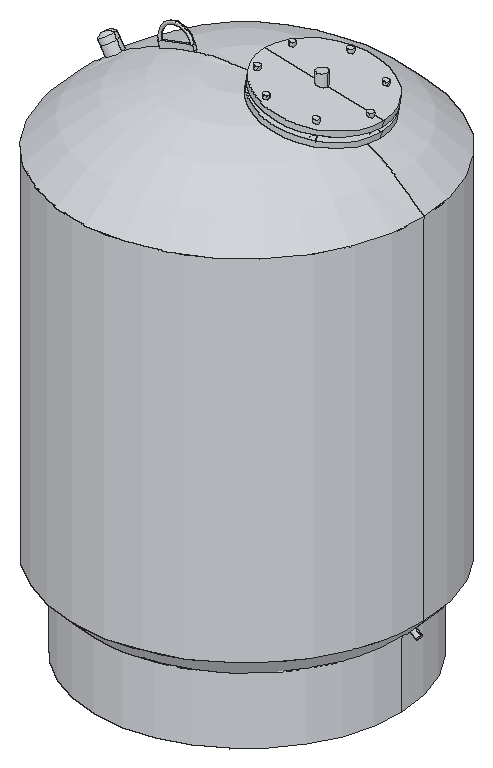
Revit family "NLA-1600", category Mechanical Equipment, Revit 2014
Parameters (values of type "NLA-1600")
  URL = "http://westank.com/"
  TankVolume = "422 Gallons"
  SystemConnectionAngle = 50.00°
  PartNumber = "22011600"
  OuterRadius = D / 2  # 21"
  Model = "NLA-1600"
  MaximumOperatingTemperature = "240°F"
  MaximumOperatingPressure = "125 PSIG"
  Manufacturer = "Wessels Company"
  InnerRadius = (D * 0.9844) / 2  # 20.6724"
  HandleAngle = 123.00°
  G = 5 1/4"
  F = 3/4"
  DrainAngle = 55.00°
  D = 42"
  CylinderHeight = B * 0.90693  # 67.11282"
  C = 1 1/2"
  B = 74"
  ApproximateShipmentWeight = "1100 lbs"
  Angle = 45.00°
  A = 48"
Reference planes (in)
  plane 1 "Center (Front/Back)": y = 0
  plane 2: z = 0
  plane 3 "Center (Left/Right)": x = 0
  plane 4: x = -24
  plane 5: y = 1.9685
  plane 6: y = -1.9685
  plane 7: z = 74
  plane 8: x = 24
  plane 9: z = 62.8728
  plane 10: y = 0.15626
  plane 11: y = -0.15626
  plane 12: x = -24
  plane 13: x = -21
  plane 14: x = 21
  plane 15: z = 21.21085
  plane 16: y = 0
  plane 17: y = 8.22887
  plane 18: y = -8.22887
  plane 19: through (22.11829, -180, 10.31287) normal (0.5736, 0, 0.8192)
  plane 20: through (22.54847, -180, 10.92723) normal (0.5736, 0, 0.8192)
  plane 21: x = -24
  plane 22: x = 24
  plane 23: x = 8.09114
  plane 24: through (3.84114, -180, 69.46857) normal (0.1908, 0, 0.9816)
Forms (in)
  Revolve 1, solid
    sketch origin (0, 0, -5.125) x (1, 0, 0) y (0, 0, 1)
      loop
        arc (0, 75.625) -> (-13.13199, 73.8336) -> (-24, 66.2478) r 28.23635
        line (-24, 66.2478) -> (-24, 17.2369)
        arc (-24, 17.2369) -> (-13.10343, 9.85586) -> (0, 8.625) r 26.5092
        line (0, 8.625) -> (0, 75.625)
      axis (0, 75.625) -> (0, 8.625)
    angle from 0 to 360
  Extrusion 2, solid
    sketch origin (0, 0, 0) x (1, 0, 0) y (0, 1, 0)
      loop
        circle (0, 0) r 21
      loop
        circle (0, 0) r 20.6724
    from 10.81856 to 0
  Revolve 3, solid
    sketch origin (-15.06578, 0, 61.44732) x (-0.500909, 0, 0.8655) y (-0.8655, 0, -0.500909)
      loop
        line (5.44847, -0.0719) -> (5.44847, -1.16029) -> (6.95487, -1.16029) -> (6.95487, -1.12732) -> (7.76301, -1.12732)
        arc (7.76301, -1.12732) -> (8.10825, -0.65594) -> (8.12516, -0.0719) r 0.9835
        line (8.12516, -0.0719) -> (5.44847, -0.0719)
      axis (5.44847, -0.0719) -> (8.12516, -0.0719)
    angle from 0 to 360
  Sweep 4, solid
    path origin (-8.09746, 0, 64.68662) x (-0.231621, 0, 0.972806) y (-0.972806, 0, -0.231621)
      loop
        arc (6.10198, 2.25) -> (8.35198, 0) -> (6.10198, -2.25) r 2.25
    profile origin (-10.03196, 0, 72.81147) x (-0.231621, 0, 0.972806) y (0, -1, 0)
      loop
        circle (0, 0) r 0.1875
  Extrusion 5, solid
    sketch origin (-6.96831, 0, 59.94419) x (-0.231621, 0, 0.972806) y (-0.972806, 0, -0.231621)
      loop
        line (10.97698, 2.42775) -> (10, 2.42775) -> (10, -2.43495) -> (10.97698, -2.43495) -> (10.97698, 2.42775)
    from 0.15626 to -0.15626
  Revolve 6, solid
    sketch origin (7.65898, 0, 20.89518) x (0.819152, 0, -0.573576) y (0.573576, 0, 0.819152)
      loop
        line (17.91414, 0) -> (19.19446, 0) -> (19.19446, 0.375) -> (17.91414, 0.375) -> (17.91414, 0)
      axis (17.91414, 0) -> (19.19446, 0)
    angle from 0 to 360
  Extrusion 7, solid
    sketch origin (4.32281, 0, 92.73349) x (1, 0, 0) y (0, 1, 0)
      loop
        circle (5.85826, 0) r 0.75
    from -18.73349 to -21.48349
  Revolve 8, solid
    sketch origin (4.76301, 0, 38.62465) x (0.190809, 0, 0.981627) y (-0.981627, 0, 0.190809)
      loop
        line (34.31983, 0.83661) -> (30.10132, 0.83661) -> (30.10132, -5.11699)
        arc (30.10132, -5.11699) -> (31.09767, -4.9485) -> (32.06983, -5.22418) r 2.29548
        line (32.06983, -5.22418) -> (32.06983, -7.39781) -> (32.81983, -7.39781) -> (32.81983, -6.39781) -> (33.56983, -6.39781) -> (33.56983, -7.39781) -> (34.31983, -7.39781) -> (34.31983, 0.83661)
      axis (30.10132, 0.83661) -> (34.31983, 0.83661)
    angle from 0 to 360
  Extrusion 9, solid
    sketch origin (6.79112, 3.11143, 72.95999) x (-0.815717, 0.556295, 0.158559) y (-0.546074, -0.830985, 0.106146)
      loop
        circle (-1.25673, 6.99045) r 0.3937
    from 0.59055 to -2.3622
  Extrusion 10, solid
    sketch origin (10.51871, 4.52061, 72.23542) x (-0.056408, 0.998348, 0.010965) y (-0.980005, -0.057464, 0.190494)
      loop
        circle (-1.25673, 6.99045) r 0.3937
    from 0.59055 to -2.3622
  Extrusion 11, solid
    sketch origin (13.8703, 2.34157, 71.58394) x (0.747674, 0.647967, -0.145333) y (-0.636062, 0.761668, 0.123638)
      loop
        circle (-1.25673, 6.99045) r 0.3937
    from 0.59055 to -2.3622
  Extrusion 12, solid
    sketch origin (14.18557, -1.69607, 71.52265) x (0.958295, -0.216734, -0.186274) y (0.212752, 0.976231, -0.041355)
      loop
        circle (-1.25673, 6.99045) r 0.3937
    from 0.59055 to -2.3622
  Extrusion 13, solid
    sketch origin (11.21429, -4.38747, 72.10021) x (0.408274, -0.909403, -0.07936) y (0.892695, 0.415915, -0.173522)
      loop
        circle (-1.25673, 6.99045) r 0.3937
    from 0.59055 to -2.3622
  Extrusion 14, solid
    sketch origin (7.31489, -3.59634, 72.85818) x (-0.465812, -0.880239, 0.090545) y (0.864067, -0.474531, -0.167958)
      loop
        circle (-1.25673, 6.99045) r 0.3937
    from 0.59055 to -2.3622
  Extrusion 15, solid
    sketch origin (5.5825, 0.04937, 73.19492) x (-0.970162, -0.15239, 0.18858) y (0.14959, -0.98832, -0.029077)
      loop
        circle (-1.25673, 6.99045) r 0.3937
    from 0.59055 to -2.3622
  Sweep 16, solid
    path origin (-18.68777, 0, 35.71881) x (-1, 0, 0) y (0, 0, -1)
      loop
        arc (6.10198, 2.25) -> (8.35198, 0) -> (6.10198, -2.25) r 2.25
    profile origin (-27.03975, 0, 35.71881) x (-1, 0, 0) y (0, -1, 0)
      loop
        circle (0, 0) r 0.1875
  Extrusion 17, solid
    sketch origin (-13.81277, 0, 35.71881) x (-1, 0, 0) y (0, 0, -1)
      loop
        line (10.97698, 2.42775) -> (10, 2.42775) -> (10, -2.43495) -> (10.97698, -2.43495) -> (10.97698, 2.42775)
    from 0.15626 to -0.15626
Cuts and joins
  joined: Revolve 1, Extrusion 2, Revolve 3, Extrusion 5, Revolve 6, Extrusion 7, Revolve 8, Extrusion 17
Lines and regions (in)
  reference lines
    curve 1: line (0, 0, 62.8728) -> (-5.12652, 0, 67.99932)
    curve 2: line (0, 0, 62.8728) -> (-3.94863, 0, 68.95316)
    curve 3: line (0, 0, 21.21085) -> (15.15431, 0, 10.59969)
Dimensions and locks (in)
  equal spacing: plane 5, plane 1 "Center (Front/Back)", plane 6
  "B": plane 7 to level
  equal spacing: plane 8, plane 3 "Center (Left/Right)", plane 4
  "A": plane 8 to plane 4
  equal spacing: plane 10, curve 2, plane 11
  equal spacing: plane 14, plane 3 "Center (Left/Right)", plane 13
  "D": plane 14 to plane 13
  locked: Revolve 3 sketch curve to Revolve 3 sketch curve at 0.03297
  equal spacing: plane 17, plane 16, plane 18
  Revolve 6 sketch curve to Revolve 6 sketch curve = 3/8"
  "F": plane 20 to plane 19
  "A": plane 22 to plane 21
  equal spacing: plane 22, plane 3 "Center (Left/Right)", plane 21
  Revolve 8 sketch curve to Revolve 8 sketch curve = 1.9685"
  locked: Revolve 8 sketch curve to Revolve 8 sketch curve at 0.75  (x2)
  Revolve 8 sketch curve to Revolve 8 sketch curve = 1"
  Revolve 8 sketch curve to Revolve 8 sketch curve = 3/4"
  "OuterRadius": radius of Extrusion 2 sketch curve
  "InnerRadius": radius of Extrusion 2 sketch curve
  diameter of Extrusion 7 sketch curve = 1 1/2"
  "Angle": angle curve 1 to plane 9
  "HandleAngle": angle plane 9 to curve 2
  "DrainAngle": angle plane 3 "Center (Left/Right)" to curve 3
  aligned and locked: level to plane 2
  aligned and locked: Extrusion 2 to level
  aligned and locked: plane 3 "Center (Left/Right)" to curve 1
  aligned and locked: plane 9 to curve 1
  aligned and locked: Revolve 3 sketch curve to Revolve 3 sketch curve
  aligned and locked: plane 9 to curve 2
  aligned and locked: plane 3 "Center (Left/Right)" to curve 2
  aligned and locked: Extrusion 5 sketch curve to Sweep 4
  aligned and locked: Extrusion 5 to plane 11
  aligned and locked: plane 10 to Extrusion 5
  aligned and locked: plane 15 to curve 3
  aligned and locked: plane 3 "Center (Left/Right)" to curve 3
  aligned and locked: plane 7 to Extrusion 7
  aligned and locked: plane 19 to Revolve 6
  aligned and locked: plane 20 to Revolve 6
  aligned and locked: Revolve 8 sketch curve to Revolve 8 sketch curve
  aligned and locked: Extrusion 17 sketch curve to Sweep 16
Automatic sketch dimensions
  Revolve 1 sketch curve to plane 4 = 0"
  Revolve 1 sketch curve to plane 3 "Center (Left/Right)" = 0"  (x2)
  Revolve 1 sketch curve to plane 3 "Center (Left/Right)" = 4.15012"
  Revolve 1 sketch curve to plane 3 "Center (Left/Right)" = 2.85608"
  level to Revolve 1 sketch curve = 3 1/2"
  level to Revolve 1 sketch curve = 12.1119"
  Revolve 1 sketch curve to Revolve 1 sketch curve = 12.72613"
  Revolve 1 sketch curve to plane 9 = 1 3/4"
  Revolve 1 sketch curve to Revolve 1 sketch curve = 8.40418"
  plane 7 to Revolve 1 sketch curve = 19.84969"
  curve 1 to Revolve 3 sketch curve = 4.75637"
  Revolve 3 sketch curve to Revolve 3 sketch curve = 1.5064"
  Revolve 3 sketch curve to Revolve 3 sketch curve = 0"
  Revolve 3 sketch curve to Revolve 3 sketch curve = 0.22312"
  Revolve 3 sketch curve to Revolve 3 sketch curve = 0.80814"
  Revolve 3 sketch curve to Revolve 3 sketch curve = 0.94717"
  curve 1 to Revolve 3 sketch curve = 10.72409"
  Revolve 3 sketch curve to Revolve 3 sketch curve = 0.79058"
  Revolve 3 sketch curve to curve 1 = 0.6921"
  Revolve 3 sketch curve to Revolve 3 sketch curve = 0.07201"
  curve 2 to Sweep 4 sketch curve = 2.91242"
  curve 2 to Sweep 4 sketch curve = 5.02423"
  Sweep 4 sketch curve to Sweep 4 sketch curve = 2 1/4"
  Sweep 4 sketch curve to profile plane = 0"
  profile plane to Sweep 4 sketch curve = 0"
  Extrusion 5 sketch curve to Extrusion 5 sketch curve = 0.97698"
  curve 2 to Extrusion 5 sketch curve = 2.58928"
  Extrusion 5 sketch curve to Extrusion 5 sketch curve = 4.86269"
  curve 3 to Revolve 6 sketch curve = 5.86906"
  Revolve 6 sketch curve to Revolve 6 sketch curve = 1.28033"
  Revolve 6 sketch curve to curve 3 = 4.13443"  (x2)
  curve 3 to Revolve 6 sketch curve = 6.45493"
  Revolve 6 sketch curve to Revolve 6 sketch curve = 0.58586"
  plane 1 "Center (Front/Back)" to Extrusion 7 sketch curve = 0"
  plane 23 to Extrusion 7 sketch curve = 2.08993"
  Revolve 8 sketch curve to plane 24 = 0"
  plane 24 to Revolve 8 sketch curve = 0.87154"
  Revolve 8 sketch curve to plane 14 = 2.85589"
  Revolve 8 sketch curve to Revolve 8 sketch curve = 0.15722"
  Revolve 8 sketch curve to Revolve 8 sketch curve = 1.17362"
  Revolve 8 sketch curve to Revolve 8 sketch curve = 6.0608"
  Revolve 8 sketch curve to Revolve 8 sketch curve = 8.34842"
  Revolve 8 sketch curve to Revolve 8 sketch curve = 0.56692"
  Revolve 8 sketch curve to Revolve 8 sketch curve = 0"
  Extrusion 9 sketch curve to plane 6 = 1.42814"
  plane 5 to Extrusion 10 sketch curve = 0.89575"
  Extrusion 11 sketch curve to plane 17 = 1.37721"
  Extrusion 12 sketch curve to plane 17 = 2.82826"
  Extrusion 13 sketch curve to plane 11 = 0.18089"
  plane 18 to Extrusion 14 sketch curve = 2.42157"
  plane 18 to Extrusion 15 sketch curve = 1.56094"
  curve 2 to Sweep 16 sketch curve = 24.78975"
  curve 2 to Sweep 16 sketch curve = 27.15399"
  Sweep 16 sketch curve to Sweep 16 sketch curve = 2 1/4"
  Sweep 16 sketch curve to profile plane = 0"
  profile plane to Sweep 16 sketch curve = 0"
  Extrusion 17 sketch curve to Extrusion 17 sketch curve = 0.97698"
  curve 2 to Extrusion 17 sketch curve = 24.71905"
  Extrusion 17 sketch curve to Extrusion 17 sketch curve = 4.86269"
  Extrusion 2 sketch curve to Extrusion 2 sketch curve = 0"  (x2)
  plane 1 "Center (Front/Back)" to Extrusion 2 sketch curve = 0"
  Extrusion 2 sketch curve to plane 3 "Center (Left/Right)" = 0"
  radius of Sweep 4 sketch curve = 3/16"
  radius of Extrusion 9 sketch curve = 0.3937"
  radius of Extrusion 10 sketch curve = 0.3937"
  radius of Extrusion 11 sketch curve = 0.3937"
  radius of Extrusion 12 sketch curve = 0.3937"
  radius of Extrusion 13 sketch curve = 0.3937"
  radius of Extrusion 14 sketch curve = 0.3937"
  radius of Extrusion 15 sketch curve = 0.3937"
  radius of Sweep 16 sketch curve = 3/16"
Connectors (in)
  piping at (10.18107, 0, 74), diameter 1.5, driven by "C"
    settings: on Extrusion 7, index 1, connector inside diameter 24", connector length 0", flow factor 0, pipe flow 0 GPM, pressure drop 0.00 psi, fitting loss kfactor 0, connector angle 0.00°, fixture units 0, engagement length 0", angle of deflection 0.00°, flow configuration 0, flow direction 0, fitting loss method 0, system type 7, joint type 0, gender type 0, connector reference index -1, connector utility 0, adjustable connector no, is connector primary yes, connector description ""
  piping at (23.38216, 0, 9.88569), diameter 0.75, driven by "F"
    settings: on Revolve 6, index 2, connector inside diameter 24", connector length 0", flow factor 0, pipe flow 0 GPM, pressure drop 0.00 psi, fitting loss kfactor 0, connector angle 0.00°, fixture units 0, engagement length 0", angle of deflection 0.00°, flow configuration 0, flow direction 0, fitting loss method 0, system type 7, joint type 0, gender type 0, connector reference index -1, connector utility 0, adjustable connector no, is connector primary no, connector description ""
